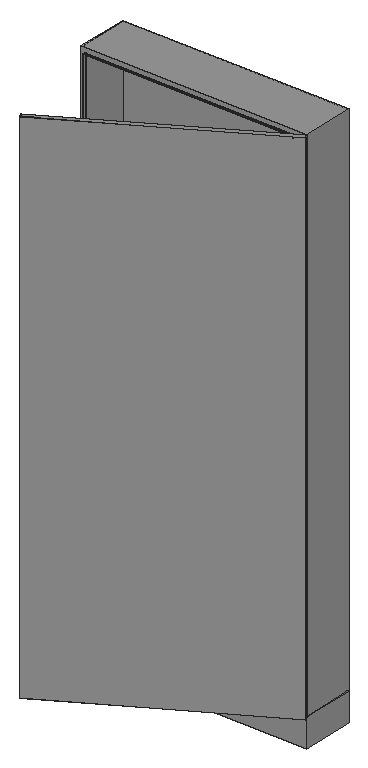
Revit family "Hager-Univers-IP44-D205-H1950-Cl.II-Encl-NoHosted-BE-fr", category Electrical Equipment, Revit 2020
Family settings
  Panel Configuration = Two Columns, Circuits Across
  Round Connector Dimension = Use Diameter
  Part Type = Panelboard
  Work Plane-Based = Yes
  Always vertical = Yes
  Cut with Voids When Loaded = No
  Shared = No
  Room Calculation Point = No
Parameters (values of type "installation au sol IP44 L800 H1950 P205  - FP23SN2")
  Width Control [instance] = if([EF000008 - largeur] > Min Width, [EF000008 - largeur], Min Width)  # 800 mm
  Type Comments = [HG000003 - Gamme]  # "Univers"
  Thickness Door [instance] = if([EF009171 - épaisseur de matériau de la porte/du couvercle] > 3 mm, 3 mm, [EF009171 - épaisseur de matériau de la porte/du couvercle])  # 1 mm
  Seal Frame Offset [instance] = 17 mm  # constant formula
  Plinth Visibility [instance] = [HG000027 - Hauteur du socle] > 0 mm  # yes
  Min Width [instance] = 100 mm  # constant formula
  Min Depth [instance] = (2 * [EF009170 - épaisseur de matériau du boîtier]) + 1 mm  # 3 mm
  Min Height [instance] = 100 mm  # constant formula
  Internal Frame Depth [instance] = (Door System Depth * 0.5)  # 9 mm
  Panel Name [instance] = ""  # (empty or 0)
  Model = ""
  HG000027 - Hauteur du socle = 100 mm
  HG000026 - Installation au sol = yes
  HG000024 - Hauteur de la section basse = 600 mm
  HG000023 - Armoire double section = no
  HG000016 - Visibilité de la porte 3D [instance] = yes
  HG000015 - Visibilité de l'emprise de la porte [instance] = no
  HG000014 - Porte à droite [instance] = yes
  HG000013 - Porte à gauche [instance] = not([HG000014 - Porte à droite])  # no
  HG000012 - Angle de pivotement de la porte [instance] = 30.00°
  HG000010 - Portes asymétriques = no
  HG000009 - Porte à double battant = no
  HG000006 - Encastré = no
  HG000004 - Référence fabricant = "FP23SN2"
  HG000003 - Gamme = "Univers"
  HG000002 - avec porte = yes
  Frame Offset Bottom [instance] = 10 mm  # constant formula
  Frame Offset [instance] = 15 mm  # constant formula
  EF015940 - couvercle avec décharge de pression = no
  EF011959 - degré de protection (NEMA) = ""
  EF009554 - nombre d'ouvertures pour plaques à bride = 6
  EF009212 - finition du couvercle = "EV000116 - fermé"
  EF009171 - épaisseur de matériau de la porte/du couvercle = 1 mm
  EF009170 - épaisseur de matériau du boîtier = 1 mm
  EF008873 - courant nominal (In) = 400 A
  EF007800 - adapté à un parafoudre = no
  EF006306 - avec serrure = no
  EF006244 - couvercle/porte transparent(e) = no
  EF005474 - indice de protection (IP) = "EV006418 - IP44"
  EF004464 - type de porte = "EV002646 - unique"
  EF004427 - nombre de modules = 432
  EF004293 - indice de protection contre les chocs (IK) = "EV006815 - IK09"
  EF003532 - convient pour utilisation à l’extérieur = no
  EF002950 - largeur en nombre de modules = 36
  EF001613 - maintien de fonction = "EV000494 - sans"
  EF001596 - matériau du boîtier/corps = "EV000179 - acier"
  EF001131 - profondeur intérieure = 143 mm
  EF001088 - possibilité de montage en saillie = yes
  EF000437 - nombre d'entrées de conduit = 6
  EF000339 - type de capot = "EV001012 - couvercle"
  EF000266 - nombre de rangées = 12
  EF000218 - profondeur d'encastrement = 0 mm
  EF000118 - avec cadre/support de montage = no
  EF000116 - numéro RAL = "9010"
  EF000049 - profondeur = 205 mm
  EF000040 - hauteur = 1950 mm
  EF000008 - largeur = 800 mm
  EF000007 - couleur = "EV000202 - blanc"
  EF000003 - mode de pose = "EV012274 - installation au sol"
  Door System Leaf Tolerance [instance] = 1.5 mm  # constant formula
  Door System Depth [instance] = 18 mm  # constant formula
  Door Height [instance] = Height Control - [HG000027 - Hauteur du socle]  # 1850 mm
  Description = ""
  Default Elevation = 1219.2 mm
  Connector Offset [instance] = Height Control / 2  # 975 mm
  Manufacturer = "Hager"  # constant formula
  Height Control [instance] = if([EF000040 - hauteur] > Min Height, [EF000040 - hauteur], Min Height)  # 1950 mm
  Depth Control [instance] = if([EF000049 - profondeur] > Min Depth, [EF000049 - profondeur], Min Depth)  # 205 mm
  Bottom Top Plate Trim [instance] = 1.5 mm  # constant formula
  Plinth height Ctrl [instance] = if([HG000027 - Hauteur du socle] > 0 mm, [HG000027 - Hauteur du socle], 12 mm)  # 100 mm
Types (5, lengths in mm): name | Width Control | HG000010 - Portes asymétriques | HG000009 - Porte à double battant | HG000004 - Référence fabricant | EF009554 - nombre d'ouvertures pour plaques à bride | EF008873 - courant nominal (In) | EF004464 - type de porte | EF004427 - nombre de modules | EF002950 - largeur en nombre de modules | EF000437 - nombre d'entrées de conduit | EF000008 - largeur
  installation au sol IP44 L1050 H1950 P205  - FP24SN2 | 1050 | no | yes | "FP24SN2" | 8 | 400 A | "EV003602 - double" | 576 | 48 | 8 | 1050
  installation au sol IP44 L1300 H1950 P205  - FP25SN2 | 1300 | yes | yes | "FP25SN2" | 10 | 400 A | "EV003602 - double" | 720 | 60 | 10 | 1300
  installation au sol IP44 L300 H1950 P205  - FP21SN2 | 300 | no | no | "FP21SN2" | 2 | 250 A | "EV002646 - unique" | 144 | 12 | 2 | 300
  installation au sol IP44 L550 H1950 P205  - FP22SN2 | 550 | no | no | "FP22SN2" | 4 | 400 A | "EV002646 - unique" | 288 | 24 | 4 | 550
  installation au sol IP44 L800 H1950 P205  - FP23SN2 | 800 | no | no | "FP23SN2" | 6 | 400 A | "EV002646 - unique" | 432 | 36 | 6 | 800
Reference planes
  plane 1 "Center (Front/Back)": y = 0
  plane 2: z = 0
  plane 3 "Center (Left/Right)": x = 0
  plane 4: y = 0
  plane 5: y = 0
  plane 6: z = 0
  plane 7: x = -400
  plane 8: x = 400
  plane 9: x = 399
  plane 10: x = -399
  plane 11: z = 100
  plane 12: z = 101
  plane 13: y = -205
  plane 14: y = -1
  plane 15: x = 0
  plane 16: y = -187
  plane 17: y = -204
  plane 18: y = -186
  plane 19: x = -384
  plane 20: x = 384
  plane 21: z = 111
  plane 22: x = -383
  plane 23: x = 383
  plane 24: z = 100
  plane 25: z = 1950
  plane 26: z = 1950
  plane 27: z = 1934
  plane 28: z = 1949
Forms (mm)
  Extrusion 1, solid, material "Hager_Steel_RAL7035_Light_Grey", detail levels medium+fine
    sketch origin (-208.679, -4572, 100) x (-1, 0, 0) y (0, -1, 0)
      loop
        line (191.321, -4385) -> (-608.679, -4385) -> (-608.679, -4572) -> (191.321, -4572) -> (191.321, -4385)
    from 0 to 1850
  Extrusion 2, void
    sketch origin (-350.771, -205, 1219.2) x (1, 0, 0) y (0, 0, 1)
      loop
        line (-48.229, 729.8) -> (-48.229, -1118.2) -> (749.771, -1118.2) -> (749.771, 729.8) -> (-48.229, 729.8)
    from -19 to -204
  Extrusion 3, void
    sketch origin (-290.084, -187, 1219.2) x (1, 0, 0) y (0, 0, 1)
      loop
        line (-93.916, -1108.2) -> (674.084, -1108.2) -> (674.084, 714.8) -> (-93.916, 714.8) -> (-93.916, -1108.2)
    from 0 to -1
  Extrusion 4, solid, material "Hager_Steel_RAL7035_Light_Grey", visible <- "Plinth Visibility", detail levels medium+fine
    sketch origin (0, 0, 0) x (1, 0, 0) y (0, 1, 0)
      loop
        line (-400, 0) -> (-400, -187) -> (400, -187) -> (400, 0) -> (-400, 0)
    from 0 to 100 <- "Plinth height Ctrl"
  Extrusion 5, solid, material "Hager_Steel_RAL7035_Light_Grey", detail levels coarse
    sketch origin (0, 0, 0) x (1, 0, 0) y (0, 1, 0)
      loop
        line (-400, 0) -> (-400, -205) -> (400, -205) -> (400, 0) -> (-400, 0)
    from 0 to 1950 <- "Height Control"
  Sweep 6, void
    path in 3D
      loop
        line (-400, -187, 100) -> (400, -187, 100) -> (400, 0, 100) -> (-400, 0, 100) -> (-400, -187, 100)
    profile origin (-400, -93.5, 100) x (1, 0, 0) y (0, 0, 1)
      loop
        line (0, 0) -> (0, -1.5) -> (1.5, -1.5)
        arc (1.5, -1.5) -> (1.061, -0.439) -> (0, 0) r 1.5
  Extrusion 7, solid, material "Hager_Steel_RAL7035_Light_Grey", detail levels fine
    sketch origin (-400, -187, 100) x (1, 0, 0) y (0, 0, 1)
      loop
        line (16, 11) -> (784, 11) -> (784, 1834) -> (16, 1834) -> (16, 11)
      loop
        line (15, 10) -> (785, 10) -> (785, 1835) -> (15, 1835) -> (15, 10)
    from 0 to 9 <- "Internal Frame Depth"
Cuts and joins
  Extrusion 2, Extrusion 3 cuts Extrusion 1
  Sweep 6 cuts Extrusion 4
Lines and regions (mm)
  Masking region 1
    outline origin (0, 0, 0) x (1, 0, 0) y (0, 1, 0)
      loop
        line (-400, 0) -> (-400, -205) -> (400, -205) -> (400, 0) -> (-400, 0)
  Masking region 2, detail levels coarse
    outline origin (-290.084, -187, 1219.2) x (-1, 0, 0) y (0, 0, 1)
      loop
        line (-690.084, -1219.2) -> (109.916, -1219.2) -> (109.916, 730.8) -> (-690.084, 730.8) -> (-690.084, -1219.2)
  Masking region 3, detail levels coarse
    outline origin (0, 0, 0) x (0, 1, 0) y (0, 0, 1)
      loop
        line (0, 0) -> (0, 1950) -> (-205, 1950) -> (-205, 0) -> (0, 0)
  Masking region 4, visible <- "Plinth Visibility", detail levels medium+fine
    outline origin (0, 0, 0) x (0, 1, 0) y (0, 0, 1)
      loop
        line (-1.5, 100) -> (-185.5, 100)
        arc (-185.5, 100) -> (-185.939, 98.939) -> (-187, 98.5) r 1.5
        line (-187, 98.5) -> (-187, 0) -> (0, 0) -> (0, 98.5)
        arc (0, 98.5) -> (-1.061, 98.939) -> (-1.5, 100) r 1.5
  Masking region 5, detail levels medium+fine
    outline origin (0, 0, 594.038) x (0, 1, 0) y (0, 0, 1)
      loop
        line (0, -494.038) -> (0, 1355.962) -> (-187, 1355.962) -> (-187, -494.038) -> (0, -494.038)
  Masking region 6, detail levels medium+fine
    outline origin (-359.7, -187, 1211.883) x (-1, 0, 0) y (0, 0, 1)
      loop
        line (-759.7, -1111.883) -> (40.3, -1111.883) -> (40.3, 738.117) -> (-759.7, 738.117) -> (-759.7, -1111.883)
  Masking region 7, visible <- "Plinth Visibility", detail levels medium+fine
    outline origin (-320.334, -187, 1041.368) x (-1, 0, 0) y (0, 0, 1)
      loop
        line (-720.334, -1041.368) -> (79.666, -1041.368) -> (79.666, -942.868)
        arc (79.666, -942.868) -> (78.606, -942.429) -> (78.166, -941.368) r 1.5
        line (78.166, -941.368) -> (-718.834, -941.368)
        arc (-718.834, -941.368) -> (-719.273, -942.429) -> (-720.334, -942.868) r 1.5
        line (-720.334, -942.868) -> (-720.334, -1041.368)
  sketch lines
    curve 1: line (-400, 0, 100) -> (-400, -187, 100)
    curve 2: line (-400, -187, 100) -> (400, -187, 100)
    curve 3: line (400, 0, 100) -> (-400, 0, 100)
    curve 4: line (400, -187, 100) -> (400, 0, 100)
Dimensions and locks
  locked: plane 1 "Center (Front/Back)" to plane 5
  "EF009170 - épaisseur de matériau du boîtier": plane 7 to plane 10
  "EF009170 - épaisseur de matériau du boîtier": plane 8 to plane 9
  equal spacing: plane 7, plane 3 "Center (Left/Right)", plane 8
  "Width Control": plane 7 to plane 8
  "Depth Control": plane 4 to plane 13
  "EF009170 - épaisseur de matériau du boîtier": plane 4 to plane 14
  "Height Control": plane 25 to level
  "HG000027 - Hauteur du socle": plane 11 to level
  "EF009170 - épaisseur de matériau du boîtier": plane 12 to plane 11
  "EF009170 - épaisseur de matériau du boîtier": plane 17 to plane 13
  "EF009170 - épaisseur de matériau du boîtier": plane 18 to plane 16
  "Frame Offset Bottom": plane 21 to plane 12
  "Frame Offset": plane 10 to plane 19
  "Frame Offset": plane 9 to plane 20
  "Door System Depth": plane 16 to plane 13
  "Seal Frame Offset": plane 7 to plane 22
  "Seal Frame Offset": plane 8 to plane 23
  "EF009170 - épaisseur de matériau du boîtier": plane 26 to plane 28
  "Frame Offset": plane 28 to plane 27
  "Connector Offset": plane 2 to connector elem
  "Bottom Top Plate Trim": profile plane to Sweep 6 sketch curve
  "Bottom Top Plate Trim": Sweep 6 sketch curve to Sweep 6 sketch curve
  "Plinth height Ctrl": Masking region 4 sketch curve to level
  "Plinth height Ctrl": Masking region 7 sketch curve to level
  "Thickness Door": Extrusion 7 sketch curve to Extrusion 7 sketch curve  (x4)
  "Bottom Top Plate Trim": radius of Sweep 6 sketch curve
  "Bottom Top Plate Trim": radius of Masking region 4 sketch curve  (x2)
  "Bottom Top Plate Trim": radius of Masking region 7 sketch curve  (x2)
  aligned and locked: Extrusion 2 sketch curve to plane 12
  aligned and locked: Extrusion 2 sketch curve to plane 9
  aligned and locked: Extrusion 2 sketch curve to plane 10
  aligned and locked: Extrusion 2 to plane 14
  aligned and locked: Extrusion 1 sketch curve to plane 4
  aligned and locked: plane 8 to Extrusion 1 sketch curve
  aligned and locked: plane 7 to Extrusion 1 sketch curve
  aligned and locked: Extrusion 2 to plane 18
  aligned and locked: Extrusion 3 sketch curve to plane 19
  aligned and locked: plane 20 to Extrusion 3 sketch curve
  aligned and locked: Extrusion 3 to Extrusion 2
  aligned and locked: Extrusion 3 sketch curve to plane 21
  aligned and locked: plane 3 "Center (Left/Right)" to nested 1
  aligned and locked: Extrusion 1 sketch curve to plane 16
  aligned and locked: Extrusion 4 sketch curve to cut or joined group of Extrusion 1, Extrusion 2, Extrusion 3
  aligned and locked: Masking region 1 sketch curve to plane 7
  aligned and locked: Masking region 1 sketch curve to plane 5
  aligned and locked: Masking region 1 sketch curve to plane 8
  aligned and locked: Masking region 2 sketch curve to level
  aligned and locked: level to Masking region 3 sketch curve
  aligned and locked: plane 1 "Center (Front/Back)" to Masking region 3 sketch curve
  aligned and locked: plane 13 to Masking region 3 sketch curve
  aligned and locked: plane 5 to Masking region 4 sketch curve
  aligned and locked: Masking region 2 sketch curve to plane 8
  aligned and locked: Masking region 2 sketch curve to plane 7
  aligned and locked: plane 7 to nested 2
  aligned and locked: nested 2 to plane 5
  aligned and locked: plane 5 to Masking region 5 sketch curve
  aligned and locked: plane 26 to Masking region 5 sketch curve
  aligned and locked: Extrusion 5 sketch curve to plane 8
  aligned and locked: Extrusion 5 sketch curve to plane 7
  aligned and locked: Extrusion 5 sketch curve to plane 5
  aligned and locked: Extrusion 3 sketch curve to plane 27
  aligned and locked: Extrusion 2 sketch curve to plane 28
  aligned and locked: Masking region 2 to plane 25
  aligned and locked: Extrusion 4 to plane 16
  aligned and locked: profile plane to Sweep 6 sketch curve
  aligned and locked: Masking region 5 sketch curve to plane 24
  aligned and locked: level to Masking region 4 sketch curve
  aligned and locked: Masking region 1 to plane 13
  aligned and locked: nested 1 to plane 16
  aligned and locked: Masking region 3 to plane 25
  aligned and locked: plane 16 to Masking region 4 sketch curve
  aligned and locked: Masking region 5 sketch curve to plane 16
  aligned and locked: plane 24 to plane 11
  aligned and locked: plane 26 to plane 25
  aligned and locked: plane 26 to cut or joined group of Extrusion 1, Extrusion 2, Extrusion 3
  aligned and locked: nested 1 to plane 24
  aligned and locked: Extrusion 1 to Extrusion 3
  aligned and locked: Masking region 6 sketch curve to plane 8
  aligned and locked: Masking region 6 sketch curve to plane 24
  aligned and locked: Masking region 6 sketch curve to plane 7
  aligned and locked: Masking region 6 sketch curve to plane 26
  aligned and locked: Masking region 7 sketch curve to plane 7
  aligned and locked: level to Masking region 7 sketch curve
  aligned and locked: Masking region 7 sketch curve to plane 8
  aligned and locked: Extrusion 7 sketch curve to cut or joined group of Extrusion 1, Extrusion 2, Extrusion 3  (x4)
Automatic sketch dimensions
  plane 19 to Extrusion 3 sketch curve = 0 mm
  Extrusion 3 sketch curve to plane 20 = 0 mm
  Extrusion 3 sketch curve to plane 21 = 0 mm
  Extrusion 4 sketch curve to plane 7 = 0 mm
  Extrusion 4 sketch curve to plane 8 = 0 mm
  Extrusion 4 sketch curve to plane 16 = 0 mm
  Masking region 1 sketch curve to plane 13 = 0 mm
  Masking region 2 sketch curve to plane 25 = 0 mm
  Masking region 3 sketch curve to plane 25 = 0 mm
  Extrusion 5 sketch curve to plane 13 = 0 mm
  profile plane to Sweep 6 sketch curve = 0 mm
Nested families
  nested 1: "EC000058_Univers_Door" at (0, -187, 100), Double <- "HG000009 - Porte à double battant", Transparent <- "EF006244 - couvercle/porte transparent(e)", Angle <- "HG000012 - Angle de pivotement de la porte", Door_Right <- "HG000014 - Porte à droite", Assymetrical <- "HG000010 - Portes asymétriques", Door <- "HG000002 - avec porte", Width_Ctrl <- "Width Control", 3d_Door <- "HG000016 - Visibilité de la porte 3D", Clearance <- "HG000015 - Visibilité de l'emprise de la porte", Door_Left <- "HG000013 - Porte à gauche", Width <- "Width Control", Door_Depth <- "Door System Depth", Leaf_Tolerance <- "Door System Leaf Tolerance", Height <- "Door Height", Lock_Visibility <- "EF006306 - avec serrure", Thickness <- "Thickness Door", type "EC000058_Univers_Door", detail levels medium+fine
    with min_wh 3 mm, Width_Ctrl 800 mm, Width 800 mm, Transparent no, Thickness 1 mm, Seal_Material Hager_Rubber, Lock_Visibility no, Lock_Material Hager_Plastic_RAL9005_Jet_Black, Leaf_Width 800 mm, Leaf_Tolerance_External_Sides 0 mm, Leaf_Tolerance 1.5 mm, Leaf_Offset 0 mm, Leaf_Height 1847 mm, Leaf_2_Width 800 mm, Leaf_2_Offset 400 mm, Leaf_1_Width 800 mm, Leaf_1_Offset 400 mm, Height_Ctrl 1850 mm, Height 1850 mm, Glass_Material Hager_Glass, Double_Clearance_Ctrl no, Double no, Door_Right_Ctrl yes, Door_Right yes, Door_Material Hager_Steel_RAL7035_Light_Grey, Door_Left_Ctrl no, Door_Left no, Door_Depth 18 mm, Door yes, Clearance_Material Hager_Clearance, Clearance_Depth 800 mm, Clearance_Ctrl no, Clearance no, Assymetrical no, Angle 30.00°, 3d_Door yes
  nested 2: "Hager_Enclosure_Symbol" at (-400, 0, 0), Height <- "Depth Control", Width <- "Width Control", type "Hager_Enclosure_Symbol"
    with Width_Ctrl 800 mm, Width 800 mm, Height_Ctrl 205 mm, Height 205 mm, A_Width_Int 13.453 mm, A_Width 161.438 mm, A_Height_Ctrl 179.375 mm, A_Height 179.375 mm
Connectors
  electrical at (0, 0, 975)
    settings: on plane 1 "Center (Front/Back)", index 1, voltage 0 V, apparent load 0 VA, apparent load phase1 0 VA, apparent load phase2 0 VA, apparent load phase3 0 VA, power factor 1, load classification "Other", number of poles 1, system type 30, power factor state 1, is connector primary yes, connector utility no, sub classification motor no, connector description ""
Definition of nested family "EC000058_Univers_Door"
  Parameters (values of type "EC000058_Univers_Door")
    min_wh [instance] = (2 * Thickness) + 1 mm  # 11 mm
    Width_Ctrl [instance] = 400 mm
    Width [instance] = 500 mm
    Transparent [instance] = yes
    Thickness [instance] = 5 mm
    Seal_Material [instance] = none
    Lock_Visibility [instance] = yes
    Lock_Material [instance] = none
    Leaf_Width [instance] = if((Width_Ctrl - 2 * Leaf_Tolerance_External_Sides) > 0 mm, (Width_Ctrl - 2 * Leaf_Tolerance_External_Sides), min_wh)  # 400 mm
    Leaf_Tolerance_External_Sides [instance] = 0 mm  # constant formula
    Leaf_Tolerance [instance] = 1.5 mm
    Leaf_Offset [instance] = 0 mm  # constant formula
    Leaf_Height [instance] = if((Height_Ctrl - 2 * Leaf_Tolerance) > 0 mm, (Height_Ctrl - 2 * Leaf_Tolerance), min_wh)  # 497 mm
    Leaf_2_Width [instance] = if(and(and(Double, Assymetrical), Door_Left), (Leaf_Width / 3) - (Leaf_Tolerance / 2), if(and(and(Double, Assymetrical), Door_Right), (Leaf_Width / 3) * 2 - (Leaf_Tolerance / 2), if(and(Double, not(Assymetrical)), (Leaf_Width / 2) - Leaf_Tolerance, Leaf_Width)))  # 400 mm
    Leaf_2_Offset [instance] = if(and(Double, Assymetrical), Leaf_2_Width / 2, if(and(Double, not(Assymetrical)), Leaf_Width / 4, Leaf_Width / 2))  # 200 mm
    Leaf_1_Width [instance] = if(and(and(Double, Assymetrical), Door_Right), (Leaf_Width / 3) - (Leaf_Tolerance / 2), if(and(and(Double, Assymetrical), Door_Left), (Width / 3) * 2 - (Leaf_Tolerance / 2), if(and(Double, not(Assymetrical)), (Leaf_Width / 2) - Leaf_Tolerance, Leaf_Width)))  # 400 mm
    Leaf_1_Offset [instance] = if(and(Double, Assymetrical), Leaf_1_Width / 2, if(and(Double, not(Assymetrical)), Leaf_Width / 4, Leaf_Width / 2))  # 200 mm
    Height_Ctrl [instance] = if(Height > min_wh, Height, min_wh)  # 500 mm
    Height [instance] = 500 mm
    Glass_Material [instance] = none
    Double_Clearance_Ctrl [instance] = and(Double, Clearance)  # no
    Double [instance] = no
    Door_Right_Ctrl [instance] = and(or(Door_Right, Double), Door)  # yes
    Door_Right [instance] = yes
    Door_Material [instance] = none
    Door_Left_Ctrl [instance] = and(or(Door_Left, Double), Door)  # no
    Door_Left [instance] = no
    Door_Depth [instance] = 30 mm
    Door [instance] = yes
    Default Elevation = 1219.2 mm
    Clearance_Material [instance] = none
    Clearance_Depth [instance] = if(Leaf_1_Width > Leaf_2_Width, Leaf_1_Width, Leaf_2_Width)  # 400 mm
    Clearance_Ctrl [instance] = and(not(Double), Clearance)  # yes
    Clearance [instance] = yes
    Assymetrical [instance] = yes
    Angle [instance] = 30.00°
    3d_Door [instance] = yes
  Reference planes
    plane 1 "Center (Front/Back)": y = 0
    plane 2 "Bottom": z = 0
    plane 3 "Center (Left/Right)": x = 0
    plane 4: z = 500
    plane 5: x = -200
    plane 6: x = 200
    plane 7: z = 500
    plane 8: x = -200
    plane 9: z = 0
    plane 10: x = 200
    plane 11: y = 0
    plane 12: z = 1.5
    plane 13: x = -600
    plane 14: y = -400
    plane 15: x = 600
    plane 16: x = 0
    plane 17: x = 0
    plane 18: x = -200
    plane 19: x = 200
    plane 20: z = 498.5
  Forms (mm)
    Extrusion 1, solid, material <- "Clearance_Material", visible <- "Double_Clearance_Ctrl"
      sketch origin (1200, 0, 0) x (1, 0, 0) y (0, 0, -1)
        loop
          line (-1800, -498.5) -> (-600, -498.5) -> (-600, 0) -> (-1800, 0) -> (-1800, -498.5)
      from 0 to -400
  Dimensions and locks
    equal spacing: plane 5, plane 3 "Center (Left/Right)", plane 6
    "Width_Ctrl": plane 5 to plane 6
    "Leaf_Offset": plane 5 to plane 8
    "Leaf_Offset": plane 6 to plane 10
    "Leaf_Offset": plane 9 to level
    "Leaf_Offset": plane 4 to plane 7
    "Height_Ctrl": plane 4 to level
    "Leaf_Tolerance": plane 12 to plane 9
    locked: plane 11 to plane 1 "Center (Front/Back)"
    "Leaf_1_Offset": plane 18 to plane 16
    "Leaf_2_Offset": plane 17 to plane 19
    "Leaf_1_Width": plane 13 to plane 8
    "Leaf_2_Width": plane 10 to plane 15
    "Clearance_Depth": plane 14 to plane 1 "Center (Front/Back)"
    "Leaf_Tolerance_External_Sides": plane 8 to plane 18
    "Leaf_Tolerance_External_Sides": plane 19 to plane 10
    "Leaf_Tolerance": plane 7 to plane 20
    aligned and locked: level to plane 2 "Bottom"
    aligned and locked: nested 1 to plane 16
    aligned and locked: nested 2 to plane 17
    aligned and locked: Extrusion 1 to plane 13
    aligned and locked: plane 15 to Extrusion 1
    aligned and locked: Extrusion 1 to plane 14
    aligned and locked: plane 12 to nested 1
    aligned and locked: nested 2 to plane 12
    aligned and locked: Extrusion 1 to plane 11
    aligned and locked: plane 20 to Extrusion 1
    aligned and locked: nested 2 to plane 11
    aligned and locked: nested 1 to plane 11
  Automatic sketch dimensions
    Extrusion 1 sketch curve to level = 0 mm
    plane 5 to Extrusion 1 sketch curve = 400 mm
    plane 6 to Extrusion 1 sketch curve = 400 mm
    Extrusion 1 sketch curve to plane 4 = 1.5 mm
  Nested families
    nested 1: "EC000058_Univers_Door_Leaf" at (0, 0, 1.5), Width <- "Leaf_1_Width", visible <- "Door_Left_Ctrl", Leaf_Height <- "Leaf_Height", Angle <- "Angle", 3d_Door <- "3d_Door", Transparent <- "Transparent", Clearance Material <- "Clearance_Material", Clearance <- "Clearance_Ctrl", Door_Material <- "Door_Material", Glass_Material <- "Glass_Material", Door_Depth <- "Door_Depth", Lock_Material <- "Lock_Material", Seal_Material <- "Seal_Material", Lock_Visibility <- "Lock_Visibility", Thickness <- "Thickness", type "EC000058_Univers_Door_Leaf"
      with Width 400 mm, Transparent_Glass_Offset 30 mm, Transparent_Ctrl yes, Transparent yes, Thickness 5 mm, Standard no, Seal_Material none, Seal_D2 8 mm, Seal_D1 1 mm, Offset_Internal_Frame 10 mm, Lock_Width 20 mm, Lock_Visibility_3d yes, Lock_Visibility yes, Lock_Thickness_3 3 mm, Lock_Thickness_2 1 mm, Lock_Thickness_1 3 mm, Lock_Radius_Offset_2 16 mm, Lock_Radius_Offset_1 15 mm, Lock_Radius_2 5 mm, Lock_Radius 6 mm, Lock_Offset 5 mm, Lock_Material none, Lock_Height 80 mm, Lock_Cover_Top_Offset_2d 17 mm, Lock_Cover_Height -65 mm, Leaf_Height 497 mm, Internal_Seal_Thickness 8 mm, Internal_Seal_Depth_2 4.5 mm, Internal_Frame_Depth 25 mm, Glass_Thickness -1 mm, Glass_Offset -2 mm, Glass_Material none, Door_Material none, Door_Depth 30 mm, Clearance Material none, Clearance yes, Angle_Ctrl 30.00°, Angle 30.00°, 3d_Door yes
    nested 2: "EC000058_Univers_Door_Leaf" at (0, 0, 1.5) x (-1, 0, 0) z (0, 0, 1), Width <- "Leaf_2_Width", visible <- "Door_Right_Ctrl", Leaf_Height <- "Leaf_Height", Angle <- "Angle", 3d_Door <- "3d_Door", Transparent <- "Transparent", Clearance Material <- "Clearance_Material", Clearance <- "Clearance_Ctrl", Door_Material <- "Door_Material", Glass_Material <- "Glass_Material", Door_Depth <- "Door_Depth", Lock_Material <- "Lock_Material", Seal_Material <- "Seal_Material", Lock_Visibility <- "Lock_Visibility", Thickness <- "Thickness", type "EC000058_Univers_Door_Leaf"
      with Width 400 mm, Transparent_Glass_Offset 30 mm, Transparent_Ctrl yes, Transparent yes, Thickness 5 mm, Standard no, Seal_Material none, Seal_D2 8 mm, Seal_D1 1 mm, Offset_Internal_Frame 10 mm, Lock_Width 20 mm, Lock_Visibility_3d yes, Lock_Visibility yes, Lock_Thickness_3 3 mm, Lock_Thickness_2 1 mm, Lock_Thickness_1 3 mm, Lock_Radius_Offset_2 16 mm, Lock_Radius_Offset_1 15 mm, Lock_Radius_2 5 mm, Lock_Radius 6 mm, Lock_Offset 5 mm, Lock_Material none, Lock_Height 80 mm, Lock_Cover_Top_Offset_2d 17 mm, Lock_Cover_Height -65 mm, Leaf_Height 497 mm, Internal_Seal_Thickness 8 mm, Internal_Seal_Depth_2 4.5 mm, Internal_Frame_Depth 25 mm, Glass_Thickness -1 mm, Glass_Offset -2 mm, Glass_Material none, Door_Material none, Door_Depth 30 mm, Clearance Material none, Clearance yes, Angle_Ctrl 30.00°, Angle 30.00°, 3d_Door yes
  Definition of nested family "EC000058_Univers_Door_Leaf"
    Parameters (values of type "EC000058_Univers_Door_Leaf")
      Width [instance] = 2000 mm
      Transparent_Glass_Offset [instance] = 30 mm
      Transparent_Ctrl [instance] = and(Transparent, [3d_Door])  # yes
      Transparent [instance] = yes
      Thickness [instance] = 5 mm
      Standard [instance] = and(not(Transparent), [3d_Door])  # no
      Seal_Material [instance] = none
      Seal_D2 [instance] = 8 mm  # constant formula
      Seal_D1 [instance] = 1 mm  # constant formula
      Offset_Internal_Frame [instance] = 10 mm  # constant formula
      Lock_Width [instance] = 20 mm  # constant formula
      Lock_Visibility_3d [instance] = and(Lock_Visibility, [3d_Door])  # yes
      Lock_Visibility [instance] = yes
      Lock_Thickness_3 [instance] = 3 mm  # constant formula
      Lock_Thickness_2 [instance] = 1 mm  # constant formula
      Lock_Thickness_1 [instance] = 3 mm  # constant formula
      Lock_Radius_Offset_2 [instance] = Lock_Radius_Offset_1 + 1 mm  # 16 mm
      Lock_Radius_Offset_1 [instance] = 15 mm  # constant formula
      Lock_Radius_2 [instance] = Lock_Radius - 1 mm  # 5 mm
      Lock_Radius [instance] = 6 mm  # constant formula
      Lock_Offset [instance] = 5 mm  # constant formula
      Lock_Material [instance] = none
      Lock_Height [instance] = 80 mm  # constant formula
      Lock_Cover_Top_Offset_2d [instance] = Lock_Radius_Offset_2 + 1 mm  # 17 mm
      Lock_Cover_Height [instance] = -(Lock_Height - Lock_Radius_Offset_1)  # -65 mm
      Leaf_Height [instance] = 2720.336 mm
      Internal_Seal_Thickness [instance] = 8 mm  # constant formula
      Internal_Seal_Depth_2 [instance] = 4.5 mm  # constant formula
      Internal_Frame_Depth [instance] = if(Door_Depth - Thickness > 5 mm, Door_Depth - Thickness, 5 mm)  # 25 mm
      Glass_Thickness [instance] = if(Thickness > 15 mm, Glass_Offset + 10 mm, -1 mm)  # -1 mm
      Glass_Offset [instance] = if(Thickness > 15 mm, -(Thickness + 10 mm) / 2, -2 mm)  # -2 mm
      Glass_Material [instance] = none
      Door_Material [instance] = none
      Door_Depth [instance] = 30 mm
      Default Elevation = 0 mm
      Clearance Material [instance] = none
      Clearance [instance] = yes
      Angle_Ctrl [instance] = if(Angle > 180.00°, 180.00°, Angle)  # 90.00°
      Angle [instance] = 90.00°
      3d_Door [instance] = yes
    Reference planes
      plane 1 "Center (Front/Back)": y = 0
      plane 2: z = 0
      plane 3 "Center (Left/Right)": x = 0
      plane 4: y = 2000
      plane 5: x = -1000
      plane 6: x = 1000
      plane 7: x = -3000
      plane 8: z = 2720.336
      plane 9: z = 30
      plane 10: z = 2690.336
      plane 11: x = 970
      plane 12: x = -970
      plane 13: y = -3
      plane 14: z = 107.833
      plane 15: y = -5
      plane 16: y = -223.314
      plane 17: x = -1000
      plane 18: z = 1360.168
      plane 19: y = 30
    Forms (mm)
      Extrusion 1, solid, material <- "Clearance Material", visible <- "Clearance"
        sketch origin (0, 0, 0) x (1, 0, 0) y (0, 0, 1)
          loop
            line (-3000, 2720.336) -> (-3000, 0) -> (1000, 0) -> (1000, 2720.336) -> (-3000, 2720.336)
        from 0 to -2000
      Extrusion 2, solid, material <- "Door_Material", visible <- "Standard", detail levels medium+fine
        sketch origin (-1000, 0, 0) x (0, 1, 0) y (-1, 0, 0)
          loop
            line (0, 30) -> (0, 25) -> (2000, 25) -> (2000, 30) -> (0, 30)
        from 0 to 2720.336 <- "Leaf_Height"
      Extrusion 3, solid, material <- "Door_Material", visible <- "Transparent_Ctrl", detail levels medium+fine
        sketch origin (-1000, 0, 0) x (0, 1, 0) y (-1, 0, 0)
          loop
            line (0, 25) -> (2000, 25) -> (2000, 30) -> (0, 30) -> (0, 25)
        from 0 to 2720.336 <- "Leaf_Height"
      Extrusion 4, void
        sketch origin (-1025, 2000, 0) x (0, 1, 0) y (0, 0, -1)
          loop
            line (-30, -2690.336) -> (-30, -30) -> (-1970, -30) -> (-1970, -2690.336) -> (-30, -2690.336)
        from 0 to 5 <- "Thickness"
      Sweep 5, solid, material <- "Seal_Material", visible <- "Transparent_Ctrl", detail levels fine
        path in 3D
          loop
            line (-1025, 30, 30) -> (-1025, 30, 2690.336) -> (-1025, 1970, 2690.336) -> (-1025, 1970, 30) -> (-1025, 30, 30)
        profile origin (-1025, 1000, 30) x (1, 0, 0) y (0, 0, 1)
          loop
            line (0, 0) -> (0, -8) -> (1, -8) -> (1, 0) -> (0, 0)
      Extrusion 6, solid, material <- "Glass_Material", visible <- "Transparent_Ctrl", detail levels medium+fine
        sketch origin (-1030, 0, 0) x (0, 1, 0) y (0, 0, -1)
          loop
            line (1970, -2690.336) -> (1970, -30) -> (30, -30) -> (30, -2690.336) -> (1970, -2690.336)
        from -2 <- "Glass_Offset" to -1 <- "Glass_Thickness"
      Extrusion 7, solid, material <- "Door_Material", visible <- "3d_Door", detail levels medium+fine
        sketch origin (-1025, 2000, 0) x (0, -1, 0) y (0, 0, -1)
          loop
            line (0, -2720.336) -> (2000, -2720.336) -> (2000, 0) -> (0, 0) -> (0, -2720.336)
          loop
            line (1995, -5) -> (5, -5) -> (5, -2715.336) -> (1995, -2715.336) -> (1995, -5)
        from 0 to 25 <- "Internal_Frame_Depth"
      Sweep 8, solid, material <- "Seal_Material", visible <- "Transparent_Ctrl", detail levels fine
        path in 3D
          loop
            line (-1025, 0, 0) -> (-1025, 2000, 0) -> (-1025, 2000, 2720.336) -> (-1025, 0, 2720.336) -> (-1025, 0, 0)
        profile origin (-1025, 0, 1360.168) x (1, 0, 0) y (0, 1, 0)
          loop
            line (0, 10) -> (2.975, 10)
            arc (2.975, 10) -> (4.053, 10.447) -> (4.5, 11.525) r 1.525
            line (4.5, 11.525) -> (4.5, 16.527)
            arc (4.5, 16.527) -> (4.069, 17.569) -> (3.027, 18) r 1.473
            line (3.027, 18) -> (0, 18) -> (0, 10)
      Extrusion 9, solid, material <- "Lock_Material", visible <- "Lock_Visibility_3d", detail levels fine
        sketch origin (-1030, 0, 0) x (0, 1, 0) y (0, 0, -1)
          loop
            arc (1993.5, -1400.168) -> (1994.561, -1399.729) -> (1995, -1398.668) r 1.5
            line (1995, -1398.668) -> (1995, -1320.168) -> (1975, -1320.168) -> (1975, -1398.668)
            arc (1975, -1398.668) -> (1975.439, -1399.729) -> (1976.5, -1400.168) r 1.5
            line (1976.5, -1400.168) -> (1993.5, -1400.168)
        from 3 <- "Lock_Thickness_1" to 0
      Blend 10, solid, material <- "Lock_Material", visible <- "Lock_Visibility_3d", detail levels fine
        base sketch origin (-1033, 0, 0) x (0, 1, 0) y (0, 0, -1)
          loop
            line (1975, -1320.168) -> (1975, -1398.668)
            arc (1975, -1398.668) -> (1975.439, -1399.729) -> (1976.5, -1400.168) r 1.5
            line (1976.5, -1400.168) -> (1993.5, -1400.168)
            arc (1993.5, -1400.168) -> (1994.561, -1399.729) -> (1995, -1398.668) r 1.5
            line (1995, -1398.668) -> (1995, -1320.168) -> (1975, -1320.168)
        top sketch origin (-1033, 0, 0) x (0, 1, 0) y (0, 0, -1)
          loop
            line (1976, -1320.168) -> (1976, -1398.668)
            arc (1976, -1398.668) -> (1976.146, -1399.022) -> (1976.5, -1399.168) r 0.5
            line (1976.5, -1399.168) -> (1993.5, -1399.168)
            arc (1993.5, -1399.168) -> (1993.854, -1399.022) -> (1994, -1398.668) r 0.5
            line (1994, -1398.668) -> (1994, -1320.168) -> (1976, -1320.168)
        from 0 to 1 <- "Lock_Thickness_2"
      Blend 11, solid, material <- "Lock_Material", visible <- "Lock_Visibility_3d", detail levels fine
        base sketch origin (-1034, 0, 0) x (0, 1, 0) y (0, 0, -1)
          loop
            line (1978, -1320.168) -> (1978, -1384.168)
            arc (1978, -1384.168) -> (1985, -1391.168) -> (1992, -1384.168) r 7
            line (1992, -1384.168) -> (1992, -1320.168) -> (1978, -1320.168)
        top sketch origin (-1034, 0, 0) x (0, 1, 0) y (0, 0, -1)
          loop
            line (1991, -1320.168) -> (1979, -1320.168) -> (1979, -1383.168)
            arc (1979, -1383.168) -> (1985, -1389.168) -> (1991, -1383.168) r 6
            line (1991, -1383.168) -> (1991, -1320.168)
        from 0 to 3 <- "Lock_Thickness_3"
      Extrusion 12, solid, material <- "Lock_Material", visible <- "Lock_Visibility_3d", detail levels fine
        sketch origin (-1030, 1975, 1320.168) x (1, 0, 0) y (0, -1, 0)
          loop
            line (-7, -19) -> (-7, -1) -> (0, -1) -> (0, 0) -> (-8, 0) -> (-8, -20) -> (0, -20) -> (0, -19) -> (-7, -19)
        from 0 to -65 <- "Lock_Cover_Height"
      Extrusion 13, void
        sketch origin (-1038, 1995, 1320.168) x (-1, 0, 0) y (0, 0, -1)
          loop
            line (-5, -65) -> (0, -65) -> (-5, -60) -> (-5, -65)
        from 0 to 20 <- "Lock_Width"
      Extrusion 14, void
        sketch origin (-1038, 1975, 1320.168) x (0, -1, 0) y (0, 0, -1)
          loop
            circle (-10, -15.995) r 6
          loop
            circle (-10, -15.995) r 5
        from 0 to 2
      Extrusion 15, solid, material <- "Lock_Material", visible <- "Lock_Visibility_3d", detail levels medium
        sketch origin (-1030, 0, 0) x (0, 1, 0) y (0, 0, -1)
          loop
            arc (1993.5, -1400.168) -> (1994.561, -1399.729) -> (1995, -1398.668) r 1.5
            line (1995, -1398.668) -> (1995, -1320.168) -> (1975, -1320.168) -> (1975, -1398.668)
            arc (1975, -1398.668) -> (1975.439, -1399.729) -> (1976.5, -1400.168) r 1.5
            line (1976.5, -1400.168) -> (1993.5, -1400.168)
        from 8 to 0
    Cuts and joins
      Extrusion 4 cuts Extrusion 3
      Extrusion 13, Extrusion 14 cuts Extrusion 9
      Extrusion 14 cuts Blend 11
      Extrusion 13, Extrusion 14 cuts Extrusion 12
      joined: Extrusion 9, Blend 10, Blend 11, Extrusion 12
      Extrusion 14 cuts Extrusion 15
    Lines and regions (mm)
      Masking region 1, visible <- "Lock_Visibility", detail levels fine
        outline origin (0, 0, 0) x (0, 1, 0) y (0, 0, 1)
          loop
            line (30, 1320.168) -> (33, 1320.168) -> (33, 1400.168) -> (30, 1400.168) -> (30, 1320.168)
      Masking region 2, visible <- "Lock_Visibility", detail levels fine
        outline origin (0, 3.143, 0) x (0, 1, 0) y (0, 0, 1)
          loop
            line (29.857, 1354.168) -> (30.857, 1354.168) -> (30.857, 1366.168) -> (29.857, 1366.168) -> (29.857, 1354.168)
      Masking region 3, detail levels medium+fine
        outline origin (0, 0, 0) x (0, 1, 0) y (0, 0, 1)
          loop
            line (0, 0) -> (30, 0) -> (30, 2720.336) -> (0, 2720.336) -> (0, 0)
      Masking region 4, detail levels medium+fine
        outline origin (0, 0, 0) x (1, 0, 0) y (0, 0, 1)
          loop
            line (-1000, 2720.336) -> (-1000, 0) -> (1000, 0) -> (1000, 2720.336) -> (-1000, 2720.336)
      Masking region 5, visible <- "Lock_Visibility", detail levels fine
        outline origin (-47.116, 0, 0) x (1, 0, 0) y (0, 0, 1)
          loop
            arc (1024.616, 1399.168) -> (1023.556, 1398.729) -> (1023.116, 1397.668) r 1.5
            line (1023.116, 1397.668) -> (1023.116, 1320.168) -> (1041.116, 1320.168) -> (1041.116, 1397.668)
            arc (1041.116, 1397.668) -> (1040.677, 1398.729) -> (1039.616, 1399.168) r 1.5
            line (1039.616, 1399.168) -> (1024.616, 1399.168)
      Masking region 6, visible <- "Lock_Visibility", detail levels medium+fine
        outline origin (-25, 0, 0) x (1, 0, 0) y (0, 0, 1)
          loop
            arc (1001.5, 1400.168) -> (1000.439, 1399.729) -> (1000, 1398.668) r 1.5
            line (1000, 1398.668) -> (1000, 1320.168) -> (1020, 1320.168) -> (1020, 1398.668)
            arc (1020, 1398.668) -> (1019.561, 1399.729) -> (1018.5, 1400.168) r 1.5
            line (1018.5, 1400.168) -> (1001.5, 1400.168)
      Masking region 7, visible <- "Lock_Visibility", detail levels fine
        outline origin (-73.735, 0, 0) x (1, 0, 0) y (0, 0, 1)
          loop
            line (1051.735, 1382.168) -> (1065.735, 1382.168) -> (1065.735, 1384.168)
            arc (1065.735, 1384.168) -> (1058.735, 1391.168) -> (1051.735, 1384.168) r 7
            line (1051.735, 1384.168) -> (1051.735, 1382.168)
      Masking region 8, visible <- "Lock_Visibility", detail levels fine
        outline origin (-73.735, 0, 0) x (1, 0, 0) y (0, 0, 1)
          loop
            line (1052.735, 1382.168) -> (1064.735, 1382.168) -> (1064.735, 1383.168)
            arc (1064.735, 1383.168) -> (1058.735, 1389.168) -> (1052.735, 1383.168) r 6
            line (1052.735, 1383.168) -> (1052.735, 1382.168)
      Masking region 9, visible <- "Lock_Visibility", detail levels fine
        outline origin (-25, 0, 0) x (1, 0, 0) y (0, 0, 1)
          loop
            line (1020, 1320.168) -> (1020, 1382.168) -> (1000, 1382.168) -> (1000, 1320.168) -> (1020, 1320.168)
      Masking region 10, detail levels medium+fine
        outline origin (0, 0, 0) x (1, 0, 0) y (0, 0, 1)
          loop
            circle (985, 1335.144) r 6
      Masking region 11, detail levels fine
        outline origin (0, 0, 0) x (1, 0, 0) y (0, 0, 1)
          loop
            circle (985, 1335.144) r 5
      Masking region 12, visible <- "Lock_Visibility", detail levels fine
        outline origin (0, 12.767, 0) x (0, 1, 0) y (0, 0, 1)
          loop
            line (20.233, 1320.168) -> (21.233, 1320.168) -> (21.233, 1399.168) -> (20.233, 1400.168) -> (20.233, 1320.168)
      Masking region 13, visible <- "Lock_Visibility", detail levels fine
        outline origin (0, 13.767, -10) x (0, 1, 0) y (0, 0, 1)
          loop
            line (20.233, 1330.168) -> (23.233, 1330.168) -> (23.233, 1399.168) -> (20.233, 1402.168) -> (20.233, 1330.168)
      Masking region 14, visible <- "Lock_Visibility", detail levels fine
        outline origin (0, 12.767, -10) x (0, 1, 0) y (0, 0, 1)
          loop
            line (20.233, 1330.168) -> (25.233, 1330.168) -> (25.233, 1399.305) -> (20.233, 1394.305) -> (20.233, 1330.168)
      Masking region 15, visible <- "Lock_Visibility", detail levels medium
        outline origin (0, 0, 0) x (0, 1, 0) y (0, 0, 1)
          loop
            line (30, 1320.168) -> (38, 1320.168) -> (38, 1400.168) -> (30, 1400.168) -> (30, 1320.168)
      Masking region 16, visible <- "Lock_Visibility", detail levels fine
        outline origin (-1000, 0, 0) x (0, 1, 0) y (-1, 0, 0)
          loop
            line (1975, 30) -> (1995, 30) -> (1995, 38) -> (1975, 38) -> (1975, 30)
          loop
            line (1979, 37) -> (1976, 37) -> (1976, 34) -> (1978, 34) -> (1979, 37)
          loop
            line (1994, 37) -> (1991, 37) -> (1992, 34) -> (1994, 34) -> (1994, 37)
      Masking region 17, visible <- "Lock_Visibility", detail levels medium
        outline origin (-1000, 0, 0) x (0, 1, 0) y (-1, 0, 0)
          loop
            line (1975, 30) -> (1995, 30) -> (1995, 38) -> (1975, 38) -> (1975, 30)
      symbolic lines
        curve 1: line (1000, 0, 0) -> (-3000, 0, 0)
        curve 2: arc (1000, 0, 0) -> (-1000, 2000, 0) -> (-3000, 0, 0) r 2000
        curve 4: line (-1030, 0, 0) -> (-1030, 2000, 0)
      reference lines
        curve 3: line (-1000, 0, 0) -> (-1000, 2000, 0)
      symbolic lines, detail levels medium+fine
        curve 5: line (-1030, 2000, 0) -> (-1025, 2000, 0)
        curve 7: line (-1025, 0, 0) -> (-1030, 0, 0)
        curve 8: line (-1025, 0, 0) -> (-1000, 0, 0)
        curve 9: line (-1000, 0, 0) -> (-1000, 2000, 0)
        curve 10: line (-1000, 2000, 0) -> (-1025, 2000, 0)
      symbolic lines, detail levels fine
        curve 6: line (-1025, 2000, 0) -> (-1025, 0, 0)
      sketch lines
        curve 11: line (-1025, 0, 2720.336) -> (-1025, 0, 0)
        curve 12: line (-1025, 2000, 0) -> (-1025, 0, 0)
        curve 13: line (-1025, 2000, 2720.336) -> (-1025, 2000, 0)
        curve 14: line (-1025, 0, 2720.336) -> (-1025, 2000, 2720.336)
        curve 15: line (-1025, 1970, 30) -> (-1025, 30, 30)
        curve 16: line (-1025, 30, 30) -> (-1025, 30, 2690.336)
        curve 17: line (-1025, 1970, 2690.336) -> (-1025, 1970, 30)
        curve 18: line (-1025, 30, 2690.336) -> (-1025, 1970, 2690.336)
      symbolic lines, visible <- "Transparent", detail levels medium+fine
        curve 19: line (-970, 0, 2690.336) -> (970, 0, 2690.336)
        curve 20: line (-970, 0, 30) -> (-970, 0, 2690.336)
        curve 21: line (970, 0, 30) -> (-970, 0, 30)
        curve 22: line (970, 0, 2690.336) -> (970, 0, 30)
    Dimensions and locks
      "Width": plane 1 "Center (Front/Back)" to plane 4
      equal spacing: plane 5, plane 3 "Center (Left/Right)", plane 6
      "Width": plane 5 to plane 6
      "Width": plane 7 to plane 5
      "Leaf_Height": plane 8 to level
      "Width": curve 5 to curve 3
      "Width": curve 3 to curve 3
      plane 8 to plane 10 = 30 mm
      plane 9 to level = 30 mm
      plane 12 to plane 5 = 30 mm
      plane 6 to plane 11 = 30 mm
      Extrusion 1 to Extrusion 4 sketch curve = 30 mm
      "Transparent_Glass_Offset": curve 3 to Extrusion 4 sketch curve
      "Transparent_Glass_Offset": Extrusion 4 sketch curve to cut or joined group of Extrusion 3, Extrusion 4  (x2)
      cut or joined group of Extrusion 3, Extrusion 4 to Extrusion 6 sketch curve = 30 mm
      "Transparent_Glass_Offset": cut or joined group of Extrusion 3, Extrusion 4 to Extrusion 4 sketch curve
      "Thickness": curve 6 to curve 4
      "Thickness": Extrusion 7 sketch curve to Extrusion 7 sketch curve  (x4)
      "Door_Depth": curve 4 to curve 3
      "Offset_Internal_Frame": profile plane to Sweep 8 sketch curve
      "Internal_Seal_Thickness": Sweep 8 sketch curve to Sweep 8 sketch curve
      "Internal_Seal_Depth_2": profile plane to Sweep 8 sketch curve
      "Seal_D1": profile plane to Sweep 5 sketch curve
      "Seal_D2": profile plane to Sweep 5 sketch curve
      "Thickness": Extrusion 2 sketch curve to Extrusion 2 sketch curve
      equal spacing: Extrusion 9 sketch curve, plane 18, Extrusion 9 sketch curve  (x2)
      equal spacing: Masking region 1 sketch curve, plane 18, Masking region 1 sketch curve
      "Lock_Height": Masking region 1 sketch curve to Masking region 1 sketch curve
      "Lock_Radius": Masking region 2 sketch curve to plane 18 to Masking region 2 sketch curve
      Masking region 2 sketch curve to Masking region 1 = 1 mm
      "Door_Depth": plane 19 to plane 1 "Center (Front/Back)"
      "Lock_Thickness_1": Masking region 1 sketch curve to plane 19
      "Lock_Width": Extrusion 9 sketch curve to Extrusion 9 sketch curve
      "Lock_Height": Extrusion 9 sketch curve to Extrusion 9 sketch curve
      "Lock_Offset": cut or joined group of Extrusion 3, Extrusion 4 to Extrusion 9 sketch curve
      equal spacing: plane 8, plane 18, level
      "Lock_Radius_Offset_1": Blend 11 sketch curve to Blend 10
      locked: Blend 10 to Blend 11 sketch curve at 2  (x2)
      locked: var sketch to Blend 11 sketch curve at 1  (x2)
      "Lock_Radius_Offset_2": Blend 11 sketch curve to Blend 10
      locked: Extrusion 12 sketch curve to Extrusion 12 sketch curve at 1  (x3)
      Masking region 6 sketch curve to Masking region 6 sketch curve = 80 mm
      "Lock_Height": Masking region 6 sketch curve to Masking region 6 sketch curve
      "Lock_Width": Masking region 6 sketch curve to Masking region 6 sketch curve
      locked: Masking region 6 to Masking region 5 sketch curve at 1  (x3)
      locked: Masking region 5 to Masking region 7 sketch curve at 2  (x2)
      "Lock_Radius_Offset_1": Masking region 5 to Masking region 7 sketch curve
      "Lock_Radius_Offset_2": Masking region 5 to Masking region 8 sketch curve
      locked: Masking region 7 to Masking region 8 sketch curve at 1  (x2)
      "Lock_Cover_Top_Offset_2d": Masking region 5 to Masking region 9 sketch curve
      equal spacing: Masking region 9, Masking region 10 sketch curve, Masking region 9
      equal spacing: Masking region 9, Masking region 11 sketch curve, Masking region 9
      Extrusion 15 sketch curve to Extrusion 15 sketch curve = 80 mm
      "Lock_Width": Extrusion 15 sketch curve to Extrusion 15 sketch curve
      "Lock_Height": Extrusion 15 sketch curve to Extrusion 15 sketch curve
      equal spacing: Extrusion 15 sketch curve, plane 18, Extrusion 15 sketch curve
      "Lock_Thickness_3": Masking region 13 sketch curve to Masking region 13 sketch curve
      "Lock_Height": Masking region 12 sketch curve to Masking region 12 sketch curve
      locked: Masking region 13 sketch curve to Masking region 1 at 8
      locked: Masking region 14 sketch curve to Masking region 13 at 1
      locked: Masking region 14 sketch curve to Masking region 1 at 10.863
      "Lock_Height": Masking region 15 sketch curve to Masking region 15 sketch curve
      "Lock_Offset": Extrusion 15 sketch curve to cut or joined group of Extrusion 3, Extrusion 4
      "Lock_Offset": plane 6 to Masking region 6 sketch curve
      radius of Sweep 8 sketch curve = 1.525 mm
      radius of Sweep 8 sketch curve = 1.473 mm
      radius of Extrusion 9 sketch curve = 1.5 mm  (x2)
      "Lock_Radius": radius of Extrusion 14 sketch curve
      "Lock_Radius_2": radius of Extrusion 14 sketch curve
      "Lock_Radius": radius of Masking region 10 sketch curve
      "Lock_Radius_2": radius of Masking region 11 sketch curve
      radius of Extrusion 15 sketch curve = 1.5 mm  (x2)
      "Angle_Ctrl": angle plane 1 "Center (Front/Back)" to curve 3
      locked: Masking region 12 sketch curve to Masking region 12 sketch curve (angle 45.00°)
      locked: Masking region 13 sketch curve to Masking region 13 sketch curve (angle 45.00°)
      locked: Masking region 14 sketch curve to Masking region 14 sketch curve (angle 45.00°)
      aligned and locked: level to plane 2
      aligned and locked: Extrusion 1 to curve 1
      aligned and locked: plane 6 to Extrusion 1
      aligned and locked: Extrusion 1 to plane 1 "Center (Front/Back)"
      aligned and locked: plane 4 to Extrusion 1
      aligned and locked: plane 8 to Extrusion 1
      aligned and locked: curve 7 to Extrusion 2 sketch curve
      aligned and locked: curve 5 to Extrusion 2 sketch curve
      aligned and locked: curve 7 to Extrusion 3 sketch curve
      aligned and locked: Extrusion 3 sketch curve to curve 4
      aligned and locked: Extrusion 3 sketch curve to curve 6
      aligned and locked: Extrusion 3 sketch curve to curve 5
      aligned and locked: curve 9 to curve 3
      aligned and locked: Extrusion 7 sketch curve to cut or joined group of Extrusion 3, Extrusion 4  (x4)
      aligned and locked: plane 17 to curve 3
      aligned and locked: plane 1 "Center (Front/Back)" to curve 3
      aligned and locked: plane 17 to plane 5
      aligned and locked: Sweep 8 sketch curve to profile plane
      aligned and locked: Sweep 5 sketch curve to profile plane  (x2)
      aligned and locked: Masking region 1 to Masking region 2 sketch curve
      aligned and locked: plane 19 to Masking region 1 sketch curve
      aligned and locked: plane 1 "Center (Front/Back)" to Masking region 3 sketch curve
      aligned and locked: plane 19 to Masking region 3 sketch curve
      aligned and locked: level to Masking region 3 sketch curve
      aligned and locked: Masking region 3 sketch curve to plane 8
      aligned and locked: plane 17 to Masking region 4 sketch curve
      aligned and locked: level to Masking region 4 sketch curve
      aligned and locked: Masking region 4 sketch curve to plane 8
      aligned and locked: plane 12 to curve 20
      aligned and locked: plane 10 to curve 19
      aligned and locked: plane 11 to curve 22
      aligned and locked: curve 21 to plane 9
      aligned and locked: Extrusion 2 sketch curve to cut or joined group of Extrusion 3, Extrusion 4
      aligned and locked: Blend 10 sketch curve to Extrusion 9  (x4)
      aligned and locked: Extrusion 9 to Blend 10 sketch curve
      aligned and locked: Blend 10 to Blend 11 sketch curve
      aligned and locked: Extrusion 12 sketch curve to Blend 11
      aligned and locked: Extrusion 12 sketch curve to Extrusion 9  (x4)
      aligned and locked: Masking region 5 sketch curve to Masking region 6
      aligned and locked: Masking region 9 sketch curve to Masking region 6  (x3)
      aligned and locked: Masking region 12 sketch curve to Masking region 1
      aligned and locked: Masking region 13 sketch curve to Masking region 1
      aligned and locked: Masking region 12 to Masking region 14
      aligned and locked: Masking region 14 sketch curve to Masking region 1
      aligned and locked: Masking region 15 sketch curve to Masking region 14
      aligned and locked: Masking region 13 sketch curve to Masking region 12
      aligned and locked: Masking region 16 sketch curve to cut or joined group of Extrusion 14, Extrusion 15  (x4)
      aligned and locked: Masking region 16 sketch curve to cut or joined group of Extrusion 9, Blend 10, Blend 11, Extrusion 12, Extrusion 13, Extrusion 14  (x6)
      aligned and locked: cut or joined group of Extrusion 9, Blend 10, Blend 11, Extrusion 12, Extrusion 13, Extrusion 14 to Masking region 16 sketch curve
      aligned and locked: Masking region 17 sketch curve to cut or joined group of Extrusion 14, Extrusion 15  (x3)
      aligned and locked: Masking region 17 sketch curve to cut or joined group of Extrusion 9, Blend 10, Blend 11, Extrusion 12, Extrusion 13, Extrusion 14
      aligned and locked: Masking region 9 to Masking region 8 sketch curve
      aligned and locked: Masking region 9 to Masking region 7 sketch curve
    Automatic sketch dimensions
      plane 1 "Center (Front/Back)" to curve 2 = 0 mm
      curve 2 to plane 5 = 0 mm
      Extrusion 1 sketch curve to level = 0 mm
      Extrusion 1 sketch curve to plane 7 = 0 mm
      Extrusion 1 sketch curve to plane 6 = 0 mm
      Extrusion 1 sketch curve to plane 8 = 0 mm
      Extrusion 3 to Extrusion 6 sketch curve = 30 mm  (x4)
      Masking region 4 sketch curve to plane 6 = 0 mm
      Blend 10 sketch curve to Extrusion 9 = 1.5 mm
      Blend 10 sketch curve to Extrusion 9 = 1 mm
      Extrusion 13 sketch curve to Extrusion 12 = 0 mm  (x2)
      Extrusion 12 to Extrusion 13 sketch curve = 3 mm
      Extrusion 13 sketch curve to Extrusion 12 = 5 mm
      Extrusion 14 sketch curve to Extrusion 14 sketch curve = 0 mm  (x2)
      Extrusion 14 sketch curve to Extrusion 12 = 10 mm
      Extrusion 14 sketch curve to Extrusion 12 = 15.995 mm
      Masking region 5 sketch curve to Masking region 5 sketch curve = 1.5 mm  (x2)
      Masking region 10 sketch curve to plane 18 = 25.024 mm
      Masking region 11 sketch curve to plane 18 = 25.024 mm
      plane 19 to Masking region 14 sketch curve = 3 mm
      Masking region 16 sketch curve to Masking region 16 sketch curve = 3 mm
      curve 4 to curve 3 = 0 mm
      Blend 10 to Blend 11 sketch curve = 0 mm
      Masking region 6 sketch curve to Masking region 6 sketch curve = 1.5 mm  (x2)
      Masking region 6 sketch curve to plane 18 = 40 mm
      plane 19 to Masking region 12 sketch curve = 3 mm
      Masking region 12 sketch curve to Masking region 12 sketch curve = 1 mm
      Masking region 15 sketch curve to plane 19 = 0 mm
      Masking region 15 sketch curve to plane 18 = 40 mm
      radius of Blend 10 sketch curve to Extrusion 9 = 1 mm
Definition of nested family "Hager_Enclosure_Symbol"
  Parameters (values of type "Hager_Enclosure_Symbol")
    Width_Ctrl [instance] = if(Width > 1 mm, Width, 1 mm)  # 102.27 mm
    Width [instance] = 102.27 mm
    Height_Ctrl [instance] = if(Height > 1 mm, Height, 1 mm)  # 66.5 mm
    A_Width_Int [instance] = if(A_Width / 12 > 2 mm, A_Width / 12, 2 mm)  # 4.364 mm
    A_Width [instance] = if(A_Height_Ctrl * 0.9 > 2 mm, A_Height_Ctrl * 0.9, 2 mm)  # 52.369 mm
    A_Height_Ctrl [instance] = if(A_Height > 2 mm, A_Height, 2 mm)  # 58.188 mm
    Height [instance] = 66.5 mm
    A_Height [instance] = Height - (Height / 8)  # 58.188 mm
  Reference planes
    plane 1 "Centre (avant/arrière)": y = 0
    plane 2: z = 0
    plane 3 "Centre (gauche/droite)": x = 0
    plane 4: x = 52.369
    plane 5: y = 33.042
    plane 6: y = 41.77
    plane 7: y = 66.5
    plane 8: x = 26.184
    plane 9: y = 37.406
    plane 10: x = 102.27
    plane 11: y = 66.5
    plane 12: y = 8.313
  Lines and regions (mm)
    Filled region 1, type "Solid_Black", in view "Niveau de réf."
      outline origin (0, 0, 0) x (1, 0, 0) y (0, 1, 0)
        loop
          line (52.369, 66.5) -> (33.188, 54.536) -> (45.365, 45.006) -> (52.369, 66.5)
    Filled region 2, type "Solid_Black", in view "Niveau de réf."
      outline origin (0, 0, 0) x (1, 0, 0) y (0, 1, 0)
        loop
          line (0, 0) -> (102.27, 0) -> (102.27, 66.5) -> (0, 0)
    detail lines, in view "Niveau de réf."
      curve 1: line (0, 8.313, 0) -> (26.184, 41.77, 0)
      curve 2: line (26.184, 41.77, 0) -> (26.184, 33.042, 0)
      curve 3: line (26.184, 33.042, 0) -> (52.369, 66.5, 0)
  Dimensions and locks
    "A_Width": plane 3 "Centre (gauche/droite)" to plane 4
    equal spacing: plane 3 "Centre (gauche/droite)", plane 8, plane 4
    equal spacing: plane 6, plane 9, plane 5
    equal spacing: curve 3, Filled region 1 sketch curve, Filled region 1 sketch curve
    "Height_Ctrl": plane 1 "Centre (avant/arrière)" to plane 11
    "A_Height_Ctrl": plane 11 to plane 12
    equal spacing: plane 11, plane 9, plane 12
    "A_Width_Int": plane 6 to plane 9
    "Width_Ctrl": plane 3 "Centre (gauche/droite)" to plane 10
    angle Filled region 1 sketch curve to curve 3 = 20.00°
    angle curve 3 to Filled region 1 sketch curve = 20.00°
    locked: curve 3 to Filled region 1 sketch curve (angle 90.00°)
    aligned and locked: plane 10 to Filled region 2
    aligned and locked: plane 11 to Filled region 2 sketch curve
    aligned and locked: plane 10 to Filled region 2 sketch curve
    aligned and locked: plane 3 "Centre (gauche/droite)" to curve 1
    aligned and locked: plane 12 to curve 1
    aligned and locked: plane 7 to plane 11
  Automatic sketch dimensions
    Filled region 1 sketch curve to plane 4 = 0 mm
    Filled region 1 sketch curve to plane 7 = 0 mm
    plane 1 "Centre (avant/arrière)" to Filled region 2 sketch curve = 0 mm
    Filled region 2 sketch curve to plane 3 "Centre (gauche/droite)" = 0 mm
    curve 2 to plane 6 = 0 mm
    curve 2 to plane 8 = 0 mm
    curve 3 to plane 4 = 0 mm
    curve 2 to plane 5 = 0 mm
    curve 3 to plane 7 = 0 mm
